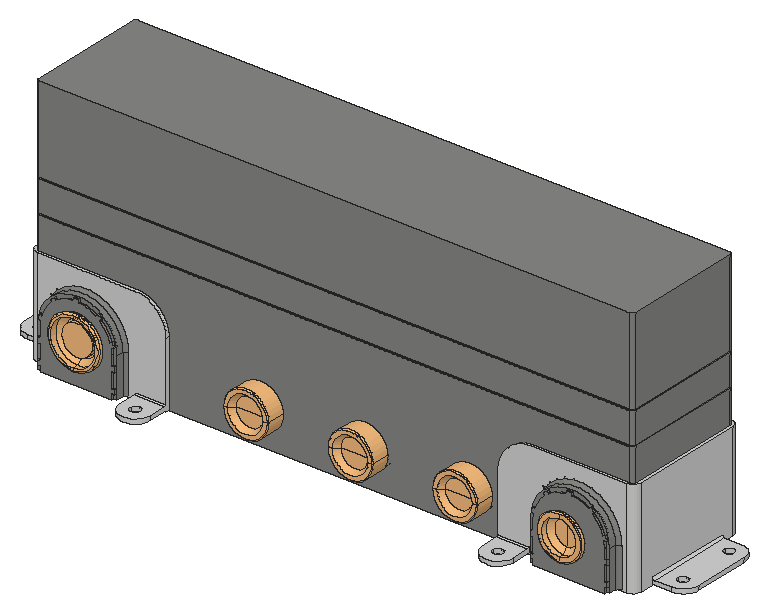
Revit family "Valve-Four_Outlet_Thermostatic-KOHLER-Anthem-K-26342BR_1", category Plumbing Fixtures, host Face, Revit 2022
Family settings
  Host = Face
  Round Connector Dimension = Use Diameter
  Part Type = Normal
  OmniClass Number = 23.27.31.00
  OmniClass Title = Valves
  Cut with Voids When Loaded = No
  Maintain Annotation Orientation = No
  Shared = No
  Room Calculation Point = No
Parameters (values of type "NA-Not Applicable")
  Width = 16 33/64"  # constant formula
  WaterSense Certified = 1 = 0  # no
  Waste Connection = 1 = 0  # no
  Vent Connection = 1 = 0  # no
  Tempered Water Outlet 4 = "Tempered Water Outlet 4"  # constant formula
  Tempered Water Outlet 3 = "Tempered Water Outlet 3"  # constant formula
  Tempered Water Outlet 2 = "Tempered Water Outlet 2"  # constant formula
  Tempered Water Outlet 1 = "Tempered Water Outlet 1"  # constant formula
  URL = "https://br.kohler.com/"
  Type = 1
  Product Page URL = ""
  Product Name = "Anthem"  # constant formula
  Product Documentation Link = ""
  Pressure = 60.00 psi  # constant formula
  Model = "K-26342BR-NA"  # constant formula
  Material = "Brass Construction"  # constant formula
  Master Format 2014 Name = "Control Valves"  # constant formula
  Master Format 2014 = "23 09 13.33"  # constant formula
  Manufacturer Address = "Rio de Janeiro MULTIREPAROS RUA BATISTA DA COSTA, Nº 352 | STORE B Rio de Janeiro SÃO GONÇALO 24450-470"  # constant formula
  Manufacturer = "Kohler Co."  # constant formula
  Length = 6 13/128"  # constant formula
  Hot Water Inlet = "Hot Water Inlet"  # constant formula
  Height = 4 113/128"  # constant formula
  HW Connection = 1 = 1  # yes
  Flow Rate = 11 GPM  # constant formula
  Finish = Kohler-Plastic-58-Thunder_Grey
  Environmental Product Declaration = ""
  Description = "4-OUTLET VALVE PUSH BUTTON THERMOSTATIC VALVE"  # constant formula
  Default Elevation = 42"
  Declare Label = ""
  Date Modified = "05/09/2022"  # constant formula
  Date Created = "05/09/2022"  # constant formula
  Copyright = "Copyright Kohler Co."  # constant formula
  Contact Us = "https://br.kohler.com/asr-listing"
  Tempered Water Outlet 4 UP [instance] = yes
  Tempered Water Outlet 4 Down [instance] = not(Tempered Water Outlet 4 UP)  # no
  Tempered Water Outlet 3 UP [instance] = yes
  Tempered Water Outlet 3 Down [instance] = not(Tempered Water Outlet 3 UP)  # no
  Tempered Water Outlet 2 UP [instance] = yes
  Tempered Water Outlet 2 Down [instance] = not(Tempered Water Outlet 2 UP)  # no
  Tempered Water Outlet 1 UP [instance] = yes
  Tempered Water Outlet 1 Down [instance] = not(Tempered Water Outlet 1 UP)  # no
  Cold Water Inlet = "Cold Water Inlet"  # constant formula
  CW Connection = 1 = 1  # yes
  Assembly Code = "D2020"
  ADA Compliant = 1 = 0  # no
Reference planes (in)
  plane 1 "Center (Front/Back)": y = 0
  plane 2: z = 0
  plane 3 "Center (Left/Right)": x = 0
  plane 4: y = 2.44056
  plane 5: y = -2.44225
  plane 6: x = -8.2579
  plane 7: x = 8.25773
  plane 8: y = 2.06786
  plane 9: x = -7.88396
  plane 10: x = 7.88396
  plane 11: y = 0.7088
  plane 12: y = -0.7088
  plane 13: y = -2.06786
  plane 14: x = -4.439
  plane 15: x = 4.439
  plane 16: y = 1.59449
  plane 17: y = -1.59449
  plane 18: x = -7.41144
  plane 19: x = 7.41144
  plane 20: x = -6.0332
  plane 21: x = -1.81655
  plane 22: x = 3.3062
  plane 23: x = 0.7424
  plane 24: y = 1.06299
  plane 25: y = -1.06299
  plane 26: y = 1.51575
  plane 27: y = -1.51575
  plane 28: x = -7.31302
  plane 29: x = 3.67991
  plane 30: x = 7.31302
  plane 31: x = 5.84649
  plane 32: z = -6.10156
  plane 33: z = -5.22155
  plane 34: z = -5.11726
  plane 35: y = 1.98819
  plane 36: y = 1.85039
  plane 37: y = 1.9404
  plane 38: y = -1.98819
  plane 39: y = -1.85039
  plane 40: x = 5.05851
  plane 41: y = -2.06786
Forms (in)
  Extrusion 1, void
    sketch origin (0, 0, 0) x (1, 0, 0) y (0, 1, 0)
      loop
        line (-7.41144, 1.59449) -> (-7.41144, -1.59449) -> (7.41144, -1.59449) -> (7.41144, 1.59449) -> (-7.41144, 1.59449)
    from -6.10156 to 0.42611
  Extrusion 2, void
    sketch origin (0, 0, 0) x (1, 0, 0) y (0, 1, 0)
      loop
        line (-8.2579, 2.44188) -> (-8.2579, -2.44056) -> (8.2579, -2.44056) -> (8.2579, 2.44188) -> (-8.2579, 2.44188)
    from -3.65797 to -6.10236
Dimensions and locks (in)
  "Width": plane 6 to plane 7
  plane 14 to plane 15 = 8.878"
  plane 9 to plane 10 = 15.76792"
  plane 12 to plane 11 = 1.4176"
  plane 18 to plane 19 = 14.82288"
  plane 16 to plane 17 = 3.18898"
  plane 28 to plane 30 = 14.62603"
  plane 30 to plane 28 = 14.62603"
  plane 34 to plane 32 = 0.98431"
  plane 33 to plane 32 = 0.88001"
  "Height": plane 4 to plane 5
  "Length": level to plane 32
  aligned and locked: plane 2 to host face
  aligned and locked: level to host face
Automatic sketch dimensions
  host sketch curve to host sketch curve = 96"  (x2)
  Extrusion 1 sketch curve to plane 18 = 0"
  plane 17 to Extrusion 1 sketch curve = 0"
  Extrusion 1 sketch curve to plane 16 = 0"
  Extrusion 1 sketch curve to plane 19 = 0"
  Extrusion 2 sketch curve to plane 6 = 0"
  Extrusion 2 sketch curve to plane 5 = 0.00169"
  plane 4 to Extrusion 2 sketch curve = 0.00132"
  plane 7 to Extrusion 2 sketch curve = 0.00017"
Nested families (in)
  nested 1: "K-26342BR" at (0, 0, -6.10236), type "K-26342BR"
Connectors (in)
  piping at (-1.81655, 1.9404, -5.22241), diameter 0.5, driven by "Tempered Water Outlet 1", driven by "Flow Rate", driven by "HW Connection", driven by "Pressure"
    settings: on nested 1, index 1, connector inside diameter 24", connector length 0", flow factor 0, pipe flow 11 GPM, pressure drop 60.00 psi, fitting loss kfactor 0, connector angle 0.00°, fixture units 0, engagement length 0", angle of deflection 0.00°, flow configuration 1, flow direction 2, fitting loss method 4, system type 19, joint type 0, gender type 0, connector reference index -1, connector utility 1, adjustable connector no, is connector primary yes, connector description "Tempered Water Outlet 1"
  piping at (0.7424, 1.9404, -5.22241), diameter 0.5, driven by "Flow Rate", driven by "HW Connection", driven by "Tempered Water Outlet 2", driven by "Pressure"
    settings: on nested 1, index 2, connector inside diameter 24", connector length 0", flow factor 0, pipe flow 11 GPM, pressure drop 60.00 psi, fitting loss kfactor 0, connector angle 0.00°, fixture units 0, engagement length 0", angle of deflection 0.00°, flow configuration 1, flow direction 2, fitting loss method 4, system type 19, joint type 0, gender type 0, connector reference index -1, connector utility 1, adjustable connector no, is connector primary no, connector description "Tempered Water Outlet 2"
  piping at (3.3062, 1.94039, -5.22241), diameter 0.5, driven by "Flow Rate", driven by "HW Connection", driven by "Tempered Water Outlet 3", driven by "Pressure"
    settings: on nested 1, index 3, connector inside diameter 24", connector length 0", flow factor 0, pipe flow 11 GPM, pressure drop 60.00 psi, fitting loss kfactor 0, connector angle 0.00°, fixture units 0, engagement length 0", angle of deflection 0.00°, flow configuration 1, flow direction 2, fitting loss method 4, system type 19, joint type 0, gender type 0, connector reference index -1, connector utility 1, adjustable connector no, is connector primary no, connector description "Tempered Water Outlet 3"
  piping at (5.84649, 1.85039, -5.22241), diameter 0.5, driven by "Flow Rate", driven by "HW Connection", driven by "Tempered Water Outlet 4", driven by "Pressure"
    settings: on nested 1, index 4, connector inside diameter 24", connector length 0", flow factor 0, pipe flow 11 GPM, pressure drop 60.00 psi, fitting loss kfactor 0, connector angle 0.00°, fixture units 0, engagement length 0", angle of deflection 0.00°, flow configuration 1, flow direction 2, fitting loss method 4, system type 19, joint type 0, gender type 0, connector reference index -1, connector utility 1, adjustable connector no, is connector primary no, connector description "Tempered Water Outlet 4"
  piping at (-6.0332, -1.85039, -5.11811), diameter 0.75, driven by "Flow Rate", driven by "HW Connection", driven by "Hot Water Inlet", driven by "Pressure"
    settings: on nested 1, index 5, connector inside diameter 24", connector length 0", flow factor 0, pipe flow 11 GPM, pressure drop 60.00 psi, fitting loss kfactor 0, connector angle 0.00°, fixture units 0, engagement length 0", angle of deflection 0.00°, flow configuration 1, flow direction 1, fitting loss method 4, system type 19, joint type 0, gender type 0, connector reference index -1, connector utility 1, adjustable connector no, is connector primary no, connector description "Hot Water Inlet"
  piping at (-6.0332, 1.85039, -5.11811), diameter 0.75, driven by "Flow Rate", driven by "CW Connection", driven by "Cold Water Inlet", driven by "Pressure"
    settings: on nested 1, index 6, connector inside diameter 24", connector length 0", flow factor 0, pipe flow 11 GPM, pressure drop 60.00 psi, fitting loss kfactor 0, connector angle 0.00°, fixture units 0, engagement length 0", angle of deflection 0.00°, flow configuration 1, flow direction 1, fitting loss method 4, system type 20, joint type 0, gender type 0, connector reference index -1, connector utility 1, adjustable connector no, is connector primary no, connector description "Cold Water Inlet"
Definition of nested family "K-26342BR"
  Parameters (values of type "K-26342")
    Material = none
    Default Elevation = 0"
    Connector 4 UP = yes
    Connector 4 Down = not(Connector 4 UP)  # no
    Connector 4 Dis = if(Connector 4 UP, 3 1/32", 0")  # 3 1/32"
    Connector 4 Angle = if(Connector 4 UP, 0.00°, 180.00°)  # 0.00°
    Connector 3 UP = yes
    Connector 3 Down = not(Connector 3 UP)  # no
    Connector 3 Dis = if(Connector 3 UP, 3 1/32", 0")  # 3 1/32"
    Connector 3 Angle = if(Connector 3 UP, 180.00°, 0.00°)  # 180.00°
    Connector 2 UP = yes
    Connector 2 Down = not(Connector 2 UP)  # no
    Connector 2 Dis = if(Connector 2 UP, 3 1/32", 0")  # 3 1/32"
    Connector 2 Angle = if(Connector 2 UP, 0.00°, 180.00°)  # 0.00°
    Connector 1 UP = yes
    Connector 1 Down = not(Connector 1 UP)  # no
    Connector 1 Dis = if(Connector 1 UP, 3 1/32", 0")  # 3 1/32"
    Connector 1 Angle = if(Connector 1 UP, 180.00°, 0.00°)  # 180.00°
  Reference planes (in)
    plane 1 "Center (Front/Back)": y = 0
    plane 2: z = 0
    plane 3 "Center (Left/Right)": x = 0
    plane 4: y = 2.44056
    plane 5: y = 1.51575
    plane 6: y = -2.44056
    plane 7: y = -1.51575
    plane 8: y = 1.59449
    plane 9: y = -1.59449
    plane 10: x = -8.2579
    plane 11: x = -7.41144
    plane 12: x = -7.31302
    plane 13: x = -7.0079
    plane 14: x = -6.96853
    plane 15: x = -5.05851
    plane 16: x = -5.09788
    plane 17: x = -4.81302
    plane 18: x = -4.06498
    plane 19: x = -2.37242
    plane 20: x = -1.26962
    plane 21: x = 0.18692
    plane 22: x = 1.28972
    plane 23: x = 2.74605
    plane 24: x = 3.84885
    plane 25: x = 4.06498
    plane 26: x = 4.81302
    plane 27: x = 5.05851
    plane 28: x = 5.09788
    plane 29: x = 5.30429
    plane 30: x = 6.40685
    plane 31: x = 6.96853
    plane 32: x = 7.0079
    plane 33: x = 8.2579
    plane 34: x = 7.41144
    plane 35: x = 7.31302
    plane 36: z = 6.10236
    plane 37: z = 5.70866
    plane 38: z = 2.38189
    plane 39: z = 0.11829
    plane 40: x = -7.06464
    plane 41: x = -7.21499
    plane 42: x = -4.99619
    plane 43: x = -4.93113
    plane 44: x = 4.96061
    plane 45: x = 7.10628
    plane 46: x = 7.21499
    plane 47: x = -1.81655
    plane 48: x = 5.84649
    plane 49: x = 3.3062
    plane 50: x = 0.7424
    plane 51: x = -6.0332
    plane 52: y = 1.43715
    plane 53: y = 1.39764
    plane 54: y = -1.43715
    plane 55: y = -1.39764
    plane 56: y = -0.04594
    plane 57: y = 1.06299
    plane 58: y = -1.06299
    plane 59: y = 0.7088
    plane 60: y = -0.70874
    plane 61: y = 2.06786
    plane 62: x = -4.439
    plane 63: x = -7.88396
    plane 64: x = 7.88396
    plane 65: y = -2.06786
    plane 66: x = 4.439
    plane 67: z = 0.21715
    plane 68 "B": y = 1.5155
    plane 69 "C": y = 1.5155
    plane 70 "D": y = 1.5155
    plane 71 "E": y = 1.5155
    plane 72: z = 0.87995
    plane 73: z = 0.98425
    plane 74: y = 1.98819
    plane 75: y = -1.98819
  Forms (in)
    Extrusion 1, solid, material <- "Material", detail levels medium+fine
      sketch origin (0, 0, 0) x (1, 0, 0) y (0, 1, 0)
        loop
          line (7.23528, 1.51575) -> (-7.23442, 1.51575)
          arc (-7.23442, 1.51575) -> (-7.29, 1.49273) -> (-7.31302, 1.43715) r 0.0786
          line (-7.31302, 1.43715) -> (-7.31302, -1.43749)
          arc (-7.31302, -1.43749) -> (-7.29009, -1.49283) -> (-7.23476, -1.51575) r 0.07826
          line (-7.23476, -1.51575) -> (7.23455, -1.51575)
          arc (7.23455, -1.51575) -> (7.29, -1.49278) -> (7.31297, -1.43733) r 0.07842
          line (7.31297, -1.43733) -> (7.31297, 1.43806)
          arc (7.31297, 1.43806) -> (7.29022, 1.49299) -> (7.23528, 1.51575) r 0.07769
      from 0 to 6.10236
    Extrusion 2, solid, detail levels medium+fine
      sketch origin (0, 0, 0) x (1, 0, 0) y (0, 1, 0)
        loop
          line (-3.3914, 1.59449) -> (-7.21405, 1.59449)
          arc (-7.21405, 1.59449) -> (-7.35363, 1.53667) -> (-7.41144, 1.3971) r 0.19739
          line (-7.41144, 1.3971) -> (-7.41144, -1.39804)
          arc (-7.41144, -1.39804) -> (-7.3539, -1.53695) -> (-7.21499, -1.59449) r 0.19645
          line (-7.21499, -1.59449) -> (-3.3914, -1.59449) -> (-3.3914, 1.59449)
        loop
          line (3.827, 1.59449) -> (3.827, -1.59449) -> (7.21499, -1.59449)
          arc (7.21499, -1.59449) -> (7.3539, -1.53695) -> (7.41144, -1.39804) r 0.19645
          line (7.41144, -1.39804) -> (7.41144, 1.3971)
          arc (7.41144, 1.3971) -> (7.35363, 1.53667) -> (7.21405, 1.59449) r 0.19739
          line (7.21405, 1.59449) -> (3.827, 1.59449)
      from 0 to 3.16929
    Extrusion 3, void
      sketch origin (0, 0, 0) x (1, 0, 0) y (0, 0, 1)
        loop
          arc (-4.8502, 2.38189) -> (-4.29497, 2.15191) -> (-4.06498, 1.59667) r 0.78522
          line (-4.06498, 1.59667) -> (-4.06498, -0.30561) -> (-3.06498, -0.30561) -> (-3.06498, 3.38189) -> (-7.81498, 3.38189) -> (-7.81498, 2.38189) -> (-4.8502, 2.38189)
        loop
          line (7.8518, 2.38189) -> (7.8518, 3.38189) -> (3.2893, 3.38189) -> (3.2893, -0.71748) -> (4.06494, -0.71748) -> (4.06494, 1.59502)
          arc (4.06494, 1.59502) -> (4.29541, 2.15142) -> (4.8518, 2.38189) r 0.78687
          line (4.8518, 2.38189) -> (7.8518, 2.38189)
      from -2.82494 to 2.86769
    Extrusion 4, solid, detail levels medium+fine
      sketch origin (0, 0, -0.00391) x (1, 0, 0) y (0, 1, 0)
        loop
          line (-7.41144, 1.06299) -> (-7.8832, 1.06299)
          arc (-7.8832, 1.06299) -> (-8.14815, 0.95325) -> (-8.2579, 0.68829) r 0.3747
          line (-8.2579, 0.68829) -> (-8.2579, -0.68823)
          arc (-8.2579, -0.68823) -> (-8.14813, -0.95323) -> (-7.88314, -1.06299) r 0.37476
          line (-7.88314, -1.06299) -> (-7.41144, -1.06299) -> (-7.41144, 1.06299)
        loop
          arc (-4.81302, -2.06655) -> (-4.439, -2.44056) -> (-4.06498, -2.06655) r 0.37402
          line (-4.06498, -2.06655) -> (-4.06498, -1.59449) -> (-4.81302, -1.59449) -> (-4.81302, -2.06655)
        loop
          line (-4.06498, 1.59449) -> (-4.06498, 2.06786)
          arc (-4.06498, 2.06786) -> (-4.439, 2.44188) -> (-4.81302, 2.06786) r 0.37402
          line (-4.81302, 2.06786) -> (-4.81302, 1.59449) -> (-4.06498, 1.59449)
        loop
          circle (-7.88396, 0.7088) r 0.12529
        loop
          circle (-7.88396, -0.7088) r 0.12529
        loop
          circle (-4.439, 2.06786) r 0.12354
        loop
          circle (-4.439, -2.06655) r 0.12509
        loop
          line (7.41144, 1.06299) -> (7.41144, -1.06299) -> (7.88314, -1.06299)
          arc (7.88314, -1.06299) -> (8.14813, -0.95323) -> (8.2579, -0.68823) r 0.37476
          line (8.2579, -0.68823) -> (8.2579, 0.68829)
          arc (8.2579, 0.68829) -> (8.14815, 0.95325) -> (7.8832, 1.06299) r 0.3747
          line (7.8832, 1.06299) -> (7.41144, 1.06299)
        loop
          line (4.81302, -2.06655) -> (4.81302, -1.59449) -> (4.06498, -1.59449) -> (4.06498, -2.06655)
          arc (4.06498, -2.06655) -> (4.439, -2.44056) -> (4.81302, -2.06655) r 0.37402
        loop
          line (4.06498, 1.59449) -> (4.81302, 1.59449) -> (4.81302, 2.06786)
          arc (4.81302, 2.06786) -> (4.439, 2.44188) -> (4.06498, 2.06786) r 0.37402
          line (4.06498, 2.06786) -> (4.06498, 1.59449)
        loop
          circle (7.88396, 0.7088) r 0.12529
        loop
          circle (7.88396, -0.7088) r 0.12529
        loop
          circle (4.439, 2.06786) r 0.12354
        loop
          circle (4.439, -2.06655) r 0.12509
      from 0.02344 to 0.12219
    Sweep 5, solid, material <- "Material", detail levels medium+fine
      path origin (0, 0, 0) x (1, 0, 0) y (0, 0, 1)
        loop
          line (-5.05908, 0.01969) -> (-5.05908, 0.98445)
          arc (-5.05908, 0.98445) -> (-6.03349, 1.95886) -> (-7.0079, 0.98445) r 0.97441
          line (-7.0079, 0.98445) -> (-7.0079, 0.01969)
      profile origin (-7.0079, 0, 0.50207) x (0, -1, 0) y (1, 0, 0)
        loop
          line (1.85039, 0) -> (1.85039, 0.31023) -> (1.58863, 0.31023) -> (1.58863, -0.07652)
          arc (1.58863, -0.07652) -> (1.62824, -0.02118) -> (1.69291, 0) r 0.10932
          line (1.69291, 0) -> (1.85039, 0)
        loop
          line (-1.85039, 0) -> (-1.69291, 0)
          arc (-1.69291, 0) -> (-1.62824, -0.02118) -> (-1.58863, -0.07652) r 0.10932
          line (-1.58863, -0.07652) -> (-1.58863, 0.31023) -> (-1.85039, 0.31023) -> (-1.85039, 0)
    Sweep 6, solid, material <- "Material", detail levels medium+fine
      path origin (0, 0, 0) x (-1, 0, 0) y (0, 0, 1)
        loop
          line (-5.05908, 0.01969) -> (-5.05908, 0.98445)
          arc (-5.05908, 0.98445) -> (-6.03349, 1.95886) -> (-7.0079, 0.98445) r 0.97441
          line (-7.0079, 0.98445) -> (-7.0079, 0.01969)
      profile origin (7.0079, 0, 0.50207) x (0, -1, 0) y (1, 0, 0)
        loop
          line (1.85039, 0) -> (1.69291, 0)
          arc (1.69291, 0) -> (1.62042, 0.02929) -> (1.58863, 0.10072) r 0.10435
          line (1.58863, 0.10072) -> (1.58863, -0.31023) -> (1.85039, -0.31023) -> (1.85039, 0)
        loop
          line (-1.85039, 0) -> (-1.85039, -0.31023) -> (-1.58863, -0.31023) -> (-1.58863, 0.10072)
          arc (-1.58863, 0.10072) -> (-1.62042, 0.02929) -> (-1.69291, 0) r 0.10435
          line (-1.69291, 0) -> (-1.85039, 0)
    Extrusion 7, solid, material <- "Material", detail levels medium+fine
      sketch origin (0, 0, 0) x (1, 0, 0) y (0, 0, 1)
        loop
          line (-6.90947, 0.1378) -> (-6.90947, 0) -> (-5.1575, 0) -> (-5.1575, 0.1378) -> (-5.09845, 0.1378) -> (-5.09845, 0.25591) -> (-5.1575, 0.25591) -> (-5.1575, 0.62992) -> (-5.09845, 0.62992) -> (-5.09845, 0.74803) -> (-5.1575, 0.74803) -> (-5.1575, 0.98425)
          arc (-5.1575, 0.98425) -> (-5.16093, 1.06162) -> (-5.17117, 1.13839) r 0.87598
          line (-5.17117, 1.13839) -> (-5.1138, 1.15269)
          arc (-5.1138, 1.15269) -> (-5.12627, 1.21045) -> (-5.14235, 1.2673) r 0.93495
          line (-5.14235, 1.2673) -> (-5.19974, 1.25299)
          arc (-5.19974, 1.25299) -> (-5.29883, 1.46135) -> (-5.44887, 1.63661) r 0.87598
          line (-5.44887, 1.63661) -> (-5.4124, 1.68329)
          arc (-5.4124, 1.68329) -> (-5.45778, 1.72112) -> (-5.50546, 1.75602) r 0.93495
          line (-5.50546, 1.75602) -> (-5.54194, 1.70932)
          arc (-5.54194, 1.70932) -> (-5.7483, 1.81251) -> (-5.97443, 1.85824) r 0.87598
          line (-5.97443, 1.85824) -> (-5.97443, 1.91753)
          arc (-5.97443, 1.91753) -> (-6.03349, 1.9194) -> (-6.09254, 1.91753) r 0.93495
          line (-6.09254, 1.91753) -> (-6.09254, 1.85824)
          arc (-6.09254, 1.85824) -> (-6.31868, 1.81251) -> (-6.52503, 1.70932) r 0.87598
          line (-6.52503, 1.70932) -> (-6.56151, 1.75602)
          arc (-6.56151, 1.75602) -> (-6.60919, 1.72112) -> (-6.65458, 1.68329) r 0.93495
          line (-6.65458, 1.68329) -> (-6.61811, 1.63661)
          arc (-6.61811, 1.63661) -> (-6.76815, 1.46135) -> (-6.86723, 1.25299) r 0.87598
          line (-6.86723, 1.25299) -> (-6.92462, 1.2673)
          arc (-6.92462, 1.2673) -> (-6.94071, 1.21045) -> (-6.95317, 1.15269) r 0.93495
          line (-6.95317, 1.15269) -> (-6.8958, 1.13839)
          arc (-6.8958, 1.13839) -> (-6.90605, 1.06162) -> (-6.90947, 0.98425) r 0.87598
          line (-6.90947, 0.98425) -> (-6.90947, 0.74803) -> (-6.96853, 0.74803) -> (-6.96853, 0.62992) -> (-6.90947, 0.62992) -> (-6.90947, 0.25591) -> (-6.96853, 0.25591) -> (-6.96853, 0.1378) -> (-6.90947, 0.1378)
        loop
          line (6.90926, 0.1378) -> (6.96832, 0.1378) -> (6.96832, 0.25591) -> (6.90926, 0.25591) -> (6.90926, 0.62992) -> (6.96832, 0.62992) -> (6.96832, 0.74803) -> (6.90926, 0.74803) -> (6.90926, 0.98425)
          arc (6.90926, 0.98425) -> (6.90584, 1.06162) -> (6.8956, 1.13839) r 0.87598
          line (6.8956, 1.13839) -> (6.95296, 1.15269)
          arc (6.95296, 1.15269) -> (6.9405, 1.21045) -> (6.92441, 1.2673) r 0.93495
          line (6.92441, 1.2673) -> (6.86702, 1.25299)
          arc (6.86702, 1.25299) -> (6.76794, 1.46135) -> (6.6179, 1.63661) r 0.87598
          line (6.6179, 1.63661) -> (6.65437, 1.68329)
          arc (6.65437, 1.68329) -> (6.60899, 1.72112) -> (6.5613, 1.75602) r 0.93495
          line (6.5613, 1.75602) -> (6.52483, 1.70932)
          arc (6.52483, 1.70932) -> (6.31847, 1.81251) -> (6.09233, 1.85824) r 0.87598
          line (6.09233, 1.85824) -> (6.09233, 1.91753)
          arc (6.09233, 1.91753) -> (6.03328, 1.9194) -> (5.97422, 1.91753) r 0.93495
          line (5.97422, 1.91753) -> (5.97422, 1.85824)
          arc (5.97422, 1.85824) -> (5.74809, 1.81251) -> (5.54173, 1.70932) r 0.87598
          line (5.54173, 1.70932) -> (5.50525, 1.75602)
          arc (5.50525, 1.75602) -> (5.45757, 1.72112) -> (5.41219, 1.68329) r 0.93495
          line (5.41219, 1.68329) -> (5.44866, 1.63661)
          arc (5.44866, 1.63661) -> (5.29862, 1.46135) -> (5.19954, 1.25299) r 0.87598
          line (5.19954, 1.25299) -> (5.14214, 1.2673)
          arc (5.14214, 1.2673) -> (5.12606, 1.21045) -> (5.11359, 1.15269) r 0.93495
          line (5.11359, 1.15269) -> (5.17096, 1.13839)
          arc (5.17096, 1.13839) -> (5.16072, 1.06162) -> (5.15729, 0.98425) r 0.87598
          line (5.15729, 0.98425) -> (5.15729, 0.74803) -> (5.09824, 0.74803) -> (5.09824, 0.62992) -> (5.15729, 0.62992) -> (5.15729, 0.25591) -> (5.09824, 0.25591) -> (5.09824, 0.1378) -> (5.15729, 0.1378) -> (5.15729, 0) -> (6.90926, 0) -> (6.90926, 0.1378)
      from -1.92913 to 1.8897
    Revolve 8, solid, detail levels medium+fine
      sketch origin (-6.0332, 0, 0) x (0, 1, 0) y (0, 0, 1)
        loop
          line (-1.98819, 1.58465) -> (-1.98819, 1.52773) -> (-1.85039, 1.52773) -> (-1.72942, 1.40675) -> (-1.72942, 0.98425) -> (1.72942, 0.98425) -> (1.72942, 1.40675) -> (1.85039, 1.52773) -> (1.98819, 1.52773) -> (1.98819, 1.58465) -> (1.94895, 1.62388) -> (-1.94895, 1.62388) -> (-1.98819, 1.58465)
        axis (1.98819, 0.98425) -> (-1.98819, 0.98425)
      angle from 0 to 360
    Revolve 9, solid, detail levels medium+fine
      sketch origin (5.85547, 0, 0) x (0, 1, 0) y (0, 0, 1)
        loop
          line (-1.9685, 1.30575) -> (-1.84716, 1.30575) -> (-1.72942, 1.188) -> (-1.72942, 0.88583) -> (1.72942, 0.88583) -> (1.72942, 1.188) -> (1.84716, 1.30575) -> (1.9685, 1.30575) -> (1.9685, 1.4127) -> (1.94882, 1.43701) -> (-1.94882, 1.43701) -> (-1.9685, 1.4127) -> (-1.9685, 1.30575)
        axis (-1.9685, 0.88583) -> (1.9685, 0.88583)
      angle from 0 to 360
    Revolve 10, solid, detail levels medium+fine
      sketch origin (0, 0, 0.88574) x (1, 0, 0) y (0, 1, 0)
        loop
          line (2.86415, -1.9685) -> (2.95569, -1.83778) -> (3.29722, -1.83778) -> (3.29722, 1.83778) -> (2.95569, 1.83778) -> (2.86415, 1.9685) -> (2.76572, 1.9685) -> (2.74604, 1.94039) -> (2.74604, -1.94039) -> (2.76572, -1.9685) -> (2.86415, -1.9685)
        axis (3.29722, -1.9685) -> (3.29722, 1.9685)
      angle from 0 to 360
    Revolve 11, solid, detail levels medium+fine
      sketch origin (4.03612, 0, 0.88574) x (-1, 0, 0) y (0, -1, 0)
        loop
          line (3.73029, 1.9685) -> (3.63876, 1.83777) -> (3.29722, 1.83777) -> (3.29722, -1.83778) -> (3.63876, -1.83778) -> (3.73029, -1.96851) -> (3.82872, -1.96851) -> (3.8484, -1.9404) -> (3.8484, 1.94039) -> (3.82872, 1.9685) -> (3.73029, 1.9685)
        axis (3.29722, 1.9685) -> (3.29722, -1.96851)
      angle from 0 to 360
    Revolve 12, solid, detail levels medium+fine
      sketch origin (-5.11824, 0, 0.88574) x (1, 0, 0) y (0, 1, 0)
        loop
          line (2.86415, -1.9685) -> (2.95569, -1.83778) -> (3.29722, -1.83778) -> (3.29722, 1.83778) -> (2.95569, 1.83778) -> (2.86415, 1.9685) -> (2.76572, 1.9685) -> (2.74604, 1.94039) -> (2.74604, -1.94039) -> (2.76572, -1.9685) -> (2.86415, -1.9685)
        axis (3.29722, -1.9685) -> (3.29722, 1.9685)
      angle from 0 to 360
    Sweep 13, void
      path origin (0, 0, 0) x (1, 0, 0) y (0, 1, 0)
        loop
          line (-7.31302, 1.43715) -> (-7.31302, -1.43749)
          arc (-7.31302, -1.43749) -> (-7.29009, -1.49283) -> (-7.23476, -1.51575) r 0.07826
          line (-7.23476, -1.51575) -> (7.23455, -1.51575)
          arc (7.23455, -1.51575) -> (7.29, -1.49278) -> (7.31297, -1.43733) r 0.07842
          line (7.31297, -1.43733) -> (7.31297, 1.43806)
          arc (7.31297, 1.43806) -> (7.29022, 1.49299) -> (7.23528, 1.51575) r 0.07769
          line (7.23528, 1.51575) -> (-7.23442, 1.51575)
          arc (-7.23442, 1.51575) -> (-7.29, 1.49273) -> (-7.31302, 1.43715) r 0.0786
      profile origin (-7.31302, -0.00017, 0) x (1, 0, 0) y (0, 0, 1)
        loop
          line (0.01969, 3.20866) -> (-0.03333, 3.20866) -> (-0.03333, 3.16929) -> (0.01969, 3.16929) -> (0.01969, 3.20866)
        loop
          line (0.01969, 3.99606) -> (-0.03033, 3.99606) -> (-0.03033, 3.95669) -> (0.01969, 3.95669) -> (0.01969, 3.99606)
    Extrusion 14, void
      sketch origin (0, 0, 0) x (1, 0, 0) y (0, 0, 1)
        loop
          circle (-6.0332, 0.98425) r 0.60039
      from 1.43701 to 2.06237
    Extrusion 15, void
      sketch origin (0, 0, 0) x (1, 0, 0) y (0, 0, 1)
        loop
          circle (5.85547, 0.88583) r 0.44719
      from 1.06299 to 2.19501
    Extrusion 16, void
      sketch origin (0, 0, 0) x (1, 0, 0) y (0, 0, -1)
        loop
          circle (-6.0332, -0.98425) r 0.60039
      from 1.43701 to 2.06237
    Extrusion 17, void
      sketch origin (0, 0, 0) x (1, 0, 0) y (0, 0, -1)
        loop
          circle (5.85547, -0.88583) r 0.5
      from 1.06299 to 2.19501
    Extrusion 18, solid, detail levels medium+fine
      sketch origin (0, 0, 0) x (1, 0, 0) y (0, 0, 1)
        loop
          line (-7.50289, 0.11079) -> (-7.40402, 0.11079) -> (-7.40402, 0.20277)
          arc (-7.40402, 0.20277) -> (-7.43537, 0.13734) -> (-7.50289, 0.11079) r 0.09913
      from -1.06299 to 1.06299
    Extrusion 19, solid, detail levels medium+fine
      sketch origin (0, 0, 0) x (-1, 0, 0) y (0, 0, -1)
        loop
          arc (-7.50289, -0.11079) -> (-7.43537, -0.13734) -> (-7.40402, -0.20277) r 0.09913
          line (-7.40402, -0.20277) -> (-7.40402, -0.11079) -> (-7.50289, -0.11079)
      from -1.06299 to 1.06299
    Extrusion 20, solid, detail levels medium+fine
      sketch origin (0, -0.10547, -0.00391) x (0, 1, 0) y (0, 0, 1)
        loop
          arc (1.75993, 0.11488) -> (1.70932, 0.14101) -> (1.68901, 0.19422) r 0.07984
          line (1.68901, 0.19422) -> (1.68901, 0.11488) -> (1.75993, 0.11488)
      from 4.06494 to 4.81302
    Extrusion 21, solid, detail levels medium+fine
      sketch origin (0, -0.10547, -0.00391) x (0, 1, 0) y (0, 0, -1)
        loop
          line (1.75993, -0.11488) -> (1.68901, -0.11488) -> (1.68901, -0.19422)
          arc (1.68901, -0.19422) -> (1.70932, -0.14101) -> (1.75993, -0.11488) r 0.07984
      from 4.06494 to 4.81302
    Extrusion 22, solid, detail levels medium+fine
      sketch origin (0, 0.10547, -0.00391) x (0, -1, 0) y (0, 0, -1)
        loop
          line (1.75993, -0.11488) -> (1.68901, -0.11488) -> (1.68901, -0.19422)
          arc (1.68901, -0.19422) -> (1.70932, -0.14101) -> (1.75993, -0.11488) r 0.07984
      from 4.06494 to 4.81302
    Extrusion 23, solid, detail levels medium+fine
      sketch origin (0, 0.10547, -0.00391) x (0, -1, 0) y (0, 0, 1)
        loop
          arc (1.75993, 0.11488) -> (1.70932, 0.14101) -> (1.68901, 0.19422) r 0.07984
          line (1.68901, 0.19422) -> (1.68901, 0.11488) -> (1.75993, 0.11488)
      from 4.06494 to 4.81302
    Extrusion 24, solid, detail levels medium+fine
      sketch origin (0, 0, 0) x (1, 0, 0) y (0, 0, 1)
        loop
          circle (-6.0332, 0.98425) r 0.375
      from -1.85039 to 1.85039
    Extrusion 25, solid, material <- "Material", detail levels coarse
      sketch origin (0, 0, 0) x (1, 0, 0) y (0, 0, 1)
        loop
          line (7.34422, 6.22736) -> (-7.37552, 6.22736) -> (-7.37552, 0) -> (7.34422, 0) -> (7.34422, 6.22736)
      from -1.53543 to 1.53543
    Extrusion 26, solid, detail levels coarse
      sketch origin (0, 0, 0) x (1, 0, 0) y (0, 0, 1)
        loop
          line (-7.53644, 2.44439) -> (-7.53644, 0) -> (-4.06498, 0) -> (-4.06498, 2.44439) -> (-7.53644, 2.44439)
      from -1.59449 to 1.59449
    Extrusion 27, solid, detail levels coarse
      sketch origin (0, 0, 0) x (-1, 0, 0) y (0, 0, -1)
        loop
          line (-7.53644, -2.44439) -> (-4.06498, -2.44439) -> (-4.06498, 0) -> (-7.53644, 0) -> (-7.53644, -2.44439)
      from -1.59449 to 1.59449
    Extrusion 28, solid, detail levels coarse
      sketch origin (0, 0, 0) x (1, 0, 0) y (0, 0, 1)
        loop
          line (-7.08442, 0) -> (-4.98256, 0) -> (-4.98256, 0.98862)
          arc (-4.98256, 0.98862) -> (-6.03349, 2.03955) -> (-7.08442, 0.98862) r 1.05093
          line (-7.08442, 0.98862) -> (-7.08442, 0)
      from -1.92913 to 1.8897
    Extrusion 29, solid, detail levels coarse
      sketch origin (0, 0, 0) x (-1, 0, 0) y (0, 0, -1)
        loop
          line (-7.08442, 0) -> (-7.08442, -0.98862)
          arc (-7.08442, -0.98862) -> (-6.03349, -2.03955) -> (-4.98256, -0.98862) r 1.05093
          line (-4.98256, -0.98862) -> (-4.98256, 0) -> (-7.08442, 0)
      from -1.92913 to 1.8897
    Extrusion 30, solid, detail levels coarse
      sketch origin (0, 0, 0) x (1, 0, 0) y (0, 0, 1)
        loop
          circle (-6.0332, 0.98425) r 0.69038
      from -1.98819 to 1.98819
    Extrusion 31, solid, detail levels coarse
      sketch origin (12.69224, 0, -0.09375) x (1, 0, 0) y (0, 0, 1)
        loop
          circle (-14.51192, 0.97949) r 0.58377
        loop
          circle (-11.952, 0.97949) r 0.58377
        loop
          circle (-9.39368, 0.97949) r 0.58377
      from -1.98819 to 1.98819
    Extrusion 32, solid, detail levels coarse
      sketch origin (11.89365, 0, -0.09375) x (1, 0, 0) y (0, 0, 1)
        loop
          circle (-6.03818, 0.97958) r 0.56629
      from -1.98819 to 1.98819
    Extrusion 33, solid, detail levels coarse
      sketch origin (0, 0, 0) x (1, 0, 0) y (0, 1, 0)
        loop
          line (-8.2579, -1.06299) -> (-7.41144, -1.06299) -> (-7.41144, -1.59449) -> (-4.81302, -1.59449) -> (-4.81302, -2.06655)
          arc (-4.81302, -2.06655) -> (-4.439, -2.44056) -> (-4.06498, -2.06655) r 0.37402
          line (-4.06498, -2.06655) -> (-4.06498, 2.06786)
          arc (-4.06498, 2.06786) -> (-4.439, 2.44188) -> (-4.81302, 2.06786) r 0.37402
          line (-4.81302, 2.06786) -> (-4.81302, 1.59449) -> (-7.41144, 1.59449) -> (-7.41144, 1.06299) -> (-8.2579, 1.06299) -> (-8.2579, -1.06299)
        loop
          line (8.2579, -1.06299) -> (8.2579, 1.06299) -> (7.41144, 1.06299) -> (7.41144, 1.59449) -> (4.81302, 1.59449) -> (4.81302, 2.06786)
          arc (4.81302, 2.06786) -> (4.439, 2.44188) -> (4.06498, 2.06786) r 0.37402
          line (4.06498, 2.06786) -> (4.06498, -2.06655)
          arc (4.06498, -2.06655) -> (4.439, -2.44056) -> (4.81302, -2.06655) r 0.37402
          line (4.81302, -2.06655) -> (4.81302, -1.59449) -> (7.41144, -1.59449) -> (7.41144, -1.06299) -> (8.2579, -1.06299)
        loop
          circle (-4.439, -2.06655) r 0.12509
        loop
          circle (-7.88396, -0.7088) r 0.12529
        loop
          circle (-7.88396, 0.7088) r 0.12529
        loop
          circle (-4.439, 2.06786) r 0.12354
        loop
          circle (4.439, 2.06786) r 0.12354
        loop
          circle (4.439, -2.06655) r 0.12509
        loop
          circle (7.88396, -0.7088) r 0.12529
        loop
          circle (7.88396, 0.7088) r 0.12529
      from 0 to 0.23414
    Revolve 34, solid, detail levels medium+fine
      sketch origin (5.84649, 1.5155, 0.87995) x (0, 1, 0) y (-1, 0, 0)
        loop
          line (0.00004, 0) -> (0.00004, -0.25) -> (0.33489, -0.25) -> (0.33489, 0) -> (0.00004, 0)
        axis (0.00004, 0) -> (0.33489, 0)
      angle from 0 to 360
    Revolve 35, solid, detail levels medium+fine
      sketch origin (3.3062, 1.5155, 0.87995) x (0, 1, 0) y (-1, 0, 0)
        loop
          line (0.00113, 0) -> (0.00113, -0.25) -> (0.42489, -0.25) -> (0.42489, 0) -> (0.00113, 0)
        axis (0.00113, 0) -> (0.42489, 0)
      angle from 0 to 360
    Revolve 36, solid, detail levels medium+fine
      sketch origin (0.7424, 1.5155, 0.87995) x (0, 1, 0) y (-1, 0, 0)
        loop
          line (0.0011, 0) -> (0.0011, -0.25) -> (0.4249, -0.25) -> (0.4249, 0) -> (0.0011, 0)
        axis (0.0011, 0) -> (0.4249, 0)
      angle from 0 to 360
    Revolve 37, solid, detail levels medium+fine
      sketch origin (-1.81655, 1.5155, 0.87995) x (0, 1, 0) y (-1, 0, 0)
        loop
          line (0.00116, 0) -> (0.00116, -0.25) -> (0.4249, -0.25) -> (0.4249, 0) -> (0.00116, 0)
        axis (0.00116, 0) -> (0.4249, 0)
      angle from 0 to 360
  Cuts and joins
    Sweep 13, Extrusion 16, Extrusion 17 cuts Extrusion 1
    Extrusion 16, Extrusion 17 cuts Sweep 5
    Extrusion 16, Extrusion 17 cuts Sweep 6
    Extrusion 14, Extrusion 15, Extrusion 16, Extrusion 17 cuts Extrusion 7
    joined: Extrusion 1, Sweep 5, Sweep 6, Extrusion 7
    Extrusion 3, Extrusion 16, Extrusion 17 cuts Extrusion 2
    joined: Extrusion 2, Extrusion 4, Extrusion 18, Extrusion 19, Extrusion 20, Extrusion 21, Extrusion 22, Extrusion 23
    joined: Revolve 8, Revolve 9, Revolve 10, Revolve 11, Revolve 12, Extrusion 24
    joined: Extrusion 26, Extrusion 27, Extrusion 28, Extrusion 29, Extrusion 33
    joined: Extrusion 30, Extrusion 31, Extrusion 32
  Lines and regions (in)
    Masking region 1
      outline origin (0, 0, 0) x (1, 0, 0) y (0, 1, 0)
        loop
          line (-7.41144, 1.39804) -> (-7.41144, -1.39804)
          arc (-7.41144, -1.39804) -> (-7.3539, -1.53695) -> (-7.21499, -1.59449) r 0.19645
          line (-7.21499, -1.59449) -> (7.21499, -1.59449)
          arc (7.21499, -1.59449) -> (7.3539, -1.53695) -> (7.41144, -1.39804) r 0.19645
          line (7.41144, -1.39804) -> (7.41144, 1.39804)
          arc (7.41144, 1.39804) -> (7.3539, 1.53695) -> (7.21499, 1.59449) r 0.19645
          line (7.21499, 1.59449) -> (-7.21499, 1.59449)
          arc (-7.21499, 1.59449) -> (-7.3539, 1.53695) -> (-7.41144, 1.39804) r 0.19645
    Masking region 2, detail levels medium+fine
      outline origin (0, 0, 0) x (1, 0, 0) y (0, 0, 1)
        loop
          line (7.31288, 6.10236) -> (-7.31302, 6.10236) -> (-7.31302, 2.38189) -> (-7.41144, 2.38189) -> (-7.41144, 0.21465)
          arc (-7.41144, 0.21465) -> (-7.43972, 0.14638) -> (-7.50798, 0.11811) r 0.09654
          line (-7.50798, 0.11811) -> (-8.2579, 0.11811) -> (-8.2579, 0) -> (8.2579, 0) -> (8.2579, 0.11826) -> (7.50928, 0.11826)
          arc (7.50928, 0.11826) -> (7.4401, 0.14692) -> (7.41144, 0.21611) r 0.09784
          line (7.41144, 0.21611) -> (7.41144, 2.38189) -> (7.31288, 2.38189) -> (7.31288, 6.10236)
    Masking region 3
      outline origin (0, 0, 0) x (0, 1, 0) y (0, 0, 1)
        loop
          line (1.51575, 6.10236) -> (-1.51575, 6.10236) -> (-1.51575, 2.38189) -> (-1.59449, 2.38189) -> (-1.59449, 2.05669)
          arc (-1.59449, 2.05669) -> (-1.62314, 1.98751) -> (-1.69233, 1.95886) r 0.09784
          line (-1.69233, 1.95886) -> (-1.85039, 1.95886) -> (-1.85039, 1.9194) -> (-1.8897, 1.9194) -> (-1.8897, 1.62388) -> (-1.94895, 1.62388) -> (-1.98819, 1.58465) -> (-1.98819, 0.37402) -> (-1.94882, 0.33465) -> (-1.8897, 0.33465) -> (-1.8897, 0.11826) -> (-2.44056, 0.11826) -> (-2.44056, 0) -> (-0.00047, 0) -> (2.44191, 0) -> (2.44191, 0.11826) -> (1.92913, 0.11826) -> (1.92913, 0.31495) -> (1.98819, 0.37402) -> (1.98819, 1.58465) -> (1.92876, 1.64407) -> (1.92876, 1.9194) -> (1.85039, 1.9194) -> (1.85039, 1.95886) -> (1.69233, 1.95886)
          arc (1.69233, 1.95886) -> (1.62314, 1.98751) -> (1.59449, 2.05669) r 0.09784
          line (1.59449, 2.05669) -> (1.59449, 2.38189) -> (1.51575, 2.38189) -> (1.51575, 6.10236)
    symbolic lines, detail levels medium+fine
      curve 1: line (-7.41144, 1.06299, 0) -> (-7.41144, -1.06299, 0)
      curve 2: line (-7.31302, -1.43715, 0) -> (-7.31302, 1.43715, 0)
      curve 3: arc (-7.23442, 1.51575, 0) -> (-7.29, 1.49273, 0) -> (-7.31302, 1.43715, 0) r 0.0786
      curve 4: line (-7.10632, 1.59449, 0) -> (-4.99677, 1.59449, 0)
      curve 5: line (7.23528, 1.51575, 0) -> (-7.23442, 1.51575, 0)
      curve 6: arc (7.31297, 1.43806, 0) -> (7.29022, 1.49299, 0) -> (7.23528, 1.51575, 0) r 0.07769
      curve 7: line (7.31297, -1.43782, 0) -> (7.31297, 1.43806, 0)
      curve 8: line (4.81302, 1.59449, 0) -> (4.06494, 1.59449, 0)
      curve 9: line (7.06964, 1.59449, 0) -> (4.99677, 1.59449, 0)
      curve 10: line (7.41144, -1.06299, 0) -> (7.41144, 1.06299, 0)
      curve 11: line (-4.81302, 1.59449, 0) -> (-4.06498, 1.59449, 0)
      curve 12: arc (-7.23442, -1.51575, 0) -> (-7.29, -1.49273, 0) -> (-7.31302, -1.43715, 0) r 0.0786
      curve 13: line (7.23528, -1.51575, 0) -> (-7.23442, -1.51575, 0)
      curve 14: arc (7.31297, -1.43782, 0) -> (7.29022, -1.49275, 0) -> (7.23528, -1.5155, 0) r 0.07769
      curve 15: line (4.81302, -1.59449, 0) -> (4.06494, -1.59449, 0)
      curve 16: line (7.06964, -1.59449, 0) -> (4.99677, -1.59449, 0)
      curve 17: line (-4.81302, -1.59449, 0) -> (-4.06498, -1.59449, 0)
      curve 18: line (-7.31302, 0, 5.70866) -> (7.31297, 0, 5.70866)
      curve 19: line (-7.21499, 0, 2.38189) -> (-7.21499, 0, 0.01969)
      curve 20: line (-7.88388, 0, 0.11811) -> (-7.88388, 0, 0.01969)
      curve 21: line (-7.31302, 0, 2.38189) -> (-4.8502, 0, 2.38189)
      curve 22: arc (-4.8502, 0, 2.38189) -> (-4.29497, 0, 2.15191) -> (-4.06498, 0, 1.59667) r 0.78522
      curve 23: line (-4.06498, 0, 1.59667) -> (-4.06498, 0, 0.01953)
      curve 24: line (-4.06498, 0, 0.11829) -> (-4.81302, 0, 0.11829)
      curve 25: line (-4.81302, 0, 0.21664) -> (-4.81302, 0, 0.01953)
      curve 26: line (-4.81302, 0, 0.01953) -> (-4.06498, 0, 0.01953)
      curve 27: line (-5.05908, 0, 0.01969) -> (-5.05908, 0, 0.98445)
      curve 28: arc (-5.05908, 0, 0.98445) -> (-6.03349, 0, 1.95886) -> (-7.0079, 0, 0.98445) r 0.97441
      curve 29: line (-7.0079, 0, 0.98445) -> (-7.0079, 0, 0.01969)
      curve 30: line (-6.90947, 0, 0.1378) -> (-6.90947, 0, 0)
      curve 31: line (-6.96853, 0, 0.1378) -> (-6.90947, 0, 0.1378)
      curve 32: line (-6.96853, 0, 0.25591) -> (-6.96853, 0, 0.1378)
      curve 33: line (-6.90947, 0, 0.25591) -> (-6.96853, 0, 0.25591)
      curve 34: line (-6.90947, 0, 0.62992) -> (-6.90947, 0, 0.25591)
      curve 35: line (-6.96853, 0, 0.62992) -> (-6.90947, 0, 0.62992)
      curve 36: line (-6.96853, 0, 0.74803) -> (-6.96853, 0, 0.62992)
      curve 37: line (-6.90947, 0, 0.74803) -> (-6.96853, 0, 0.74803)
      curve 38: line (-6.90947, 0, 0.98425) -> (-6.90947, 0, 0.74803)
      curve 39: arc (-6.8958, 0, 1.13839) -> (-6.90605, 0, 1.06162) -> (-6.90947, 0, 0.98425) r 0.87598
      curve 40: line (-6.95317, 0, 1.15269) -> (-6.8958, 0, 1.13839)
      curve 41: arc (-6.92462, 0, 1.2673) -> (-6.94071, 0, 1.21045) -> (-6.95317, 0, 1.15269) r 0.93495
      curve 42: line (-6.86723, 0, 1.25299) -> (-6.92462, 0, 1.2673)
      curve 43: arc (-6.61811, 0, 1.63661) -> (-6.76815, 0, 1.46135) -> (-6.86723, 0, 1.25299) r 0.87598
      curve 44: line (-6.65458, 0, 1.68329) -> (-6.61811, 0, 1.63661)
      curve 45: arc (-6.56151, 0, 1.75602) -> (-6.60919, 0, 1.72112) -> (-6.65458, 0, 1.68329) r 0.93495
      curve 46: line (-6.52503, 0, 1.70932) -> (-6.56151, 0, 1.75602)
      curve 47: arc (-6.09254, 0, 1.85824) -> (-6.31868, 0, 1.81251) -> (-6.52503, 0, 1.70932) r 0.87598
      curve 48: line (-6.09254, 0, 1.91753) -> (-6.09254, 0, 1.85824)
      curve 49: arc (-5.97443, 0, 1.91753) -> (-6.03349, 0, 1.9194) -> (-6.09254, 0, 1.91753) r 0.93495
      curve 50: line (-5.97443, 0, 1.85824) -> (-5.97443, 0, 1.91753)
      curve 51: arc (-5.54194, 0, 1.70932) -> (-5.7483, 0, 1.81251) -> (-5.97443, 0, 1.85824) r 0.87598
      curve 52: line (-5.50546, 0, 1.75602) -> (-5.54194, 0, 1.70932)
      curve 53: arc (-5.4124, 0, 1.68329) -> (-5.45778, 0, 1.72112) -> (-5.50546, 0, 1.75602) r 0.93495
      curve 54: line (-5.44887, 0, 1.63661) -> (-5.4124, 0, 1.68329)
      curve 55: arc (-5.19974, 0, 1.25299) -> (-5.29883, 0, 1.46135) -> (-5.44887, 0, 1.63661) r 0.87598
      curve 56: line (-5.14235, 0, 1.2673) -> (-5.19974, 0, 1.25299)
      curve 57: arc (-5.1138, 0, 1.15269) -> (-5.12627, 0, 1.21045) -> (-5.14235, 0, 1.2673) r 0.93495
      curve 58: line (-5.17117, 0, 1.13839) -> (-5.1138, 0, 1.15269)
      curve 59: arc (-5.1575, 0, 0.98425) -> (-5.16093, 0, 1.06162) -> (-5.17117, 0, 1.13839) r 0.87598
      curve 60: line (-5.1575, 0, 0.74803) -> (-5.1575, 0, 0.98425)
      curve 61: line (-5.09845, 0, 0.74803) -> (-5.1575, 0, 0.74803)
      curve 62: line (-5.09845, 0, 0.62992) -> (-5.09845, 0, 0.74803)
      curve 63: line (-5.1575, 0, 0.62992) -> (-5.09845, 0, 0.62992)
      curve 64: line (-5.1575, 0, 0.25591) -> (-5.1575, 0, 0.62992)
      curve 65: line (-5.09845, 0, 0.25591) -> (-5.1575, 0, 0.25591)
      curve 66: line (-5.09845, 0, 0.1378) -> (-5.09845, 0, 0.25591)
      curve 67: line (-5.1575, 0, 0.1378) -> (-5.09845, 0, 0.1378)
      curve 68: line (-5.1575, 0, 0) -> (-5.1575, 0, 0.1378)
      curve 69: line (-4.99619, 0, 0.01969) -> (-4.99619, 0, 0.98743)
      curve 70: line (-7.06464, 0, 0.01969) -> (-7.06464, 0, 0.98743)
      curve 71: arc (-7.06464, 0, 0.98743) -> (-6.03041, 0, 2.02165) -> (-4.99619, 0, 0.98743) r 1.03422
      curve 72: arc (-6.0332, 0, 1.62388) -> (-6.67284, 0, 0.98425) -> (-6.0332, 0, 0.34462) r 0.63963
      curve 73: arc (-6.0332, 0, 0.34462) -> (-5.39357, 0, 0.98425) -> (-6.0332, 0, 1.62388) r 0.63963
      curve 74: arc (-6.0332, 0, 1.58465) -> (-5.43281, 0, 0.98425) -> (-6.0332, 0, 0.38386) r 0.60039
      curve 75: arc (-6.0332, 0, 0.44078) -> (-5.48973, 0, 0.98425) -> (-6.0332, 0, 1.52773) r 0.54348
      curve 76: arc (-6.0332, 0, 1.52773) -> (-6.57668, 0, 0.98425) -> (-6.0332, 0, 0.44078) r 0.54348
      curve 77: arc (-6.0332, 0, 0.38386) -> (-6.6336, 0, 0.98425) -> (-6.0332, 0, 1.58465) r 0.60039
      curve 78: arc (-1.26984, 0, 0.88574) -> (-1.82102, 0, 1.43692) -> (-2.3722, 0, 0.88574) r 0.55118
      curve 79: arc (-1.28952, 0, 0.88574) -> (-1.82102, 0, 1.41724) -> (-2.35252, 0, 0.88574) r 0.5315
      curve 80: arc (-1.38795, 0, 0.88574) -> (-1.82102, 0, 1.31881) -> (-2.25409, 0, 0.88574) r 0.43307
      curve 81: arc (-2.25409, 0, 0.88574) -> (-1.82102, 0, 0.45267) -> (-1.38795, 0, 0.88574) r 0.43307
      curve 82: arc (-2.35252, 0, 0.88574) -> (-1.82102, 0, 0.35425) -> (-1.28952, 0, 0.88574) r 0.5315
      curve 83: arc (-2.3722, 0, 0.88574) -> (-1.82102, 0, 0.33456) -> (-1.26984, 0, 0.88574) r 0.55118
      curve 84: arc (0.18773, 0, 0.88574) -> (0.7389, 0, 1.43692) -> (1.29008, 0, 0.88574) r 0.55118
      curve 85: arc (1.2704, 0, 0.88574) -> (0.7389, 0, 1.41724) -> (0.20741, 0, 0.88574) r 0.5315
      curve 86: arc (0.30583, 0, 0.88574) -> (0.7389, 0, 1.31881) -> (1.17197, 0, 0.88574) r 0.43307
      curve 87: arc (1.17197, 0, 0.88574) -> (0.7389, 0, 0.45267) -> (0.30583, 0, 0.88574) r 0.43307
      curve 88: arc (0.20741, 0, 0.88574) -> (0.7389, 0, 0.35425) -> (1.2704, 0, 0.88574) r 0.5315
      curve 89: arc (1.29008, 0, 0.88574) -> (0.7389, 0, 0.33456) -> (0.18773, 0, 0.88574) r 0.55118
      curve 90: arc (3.8484, 0, 0.88574) -> (3.29722, 0, 1.43692) -> (2.74604, 0, 0.88574) r 0.55118
      curve 91: arc (3.82872, 0, 0.88574) -> (3.29722, 0, 1.41724) -> (2.76572, 0, 0.88574) r 0.5315
      curve 92: arc (3.73029, 0, 0.88574) -> (3.29722, 0, 1.31881) -> (2.86415, 0, 0.88574) r 0.43307
      curve 93: arc (2.86415, 0, 0.88574) -> (3.29722, 0, 0.45267) -> (3.73029, 0, 0.88574) r 0.43307
      curve 94: arc (2.76572, 0, 0.88574) -> (3.29722, 0, 0.35425) -> (3.82872, 0, 0.88574) r 0.5315
      curve 95: arc (2.74604, 0, 0.88574) -> (3.29722, 0, 0.33456) -> (3.8484, 0, 0.88574) r 0.55118
      curve 96: line (5.15729, 0, 0.01969) -> (4.98874, 0, 0.01969)
      curve 97: line (4.06494, 0, 0.11829) -> (4.81302, 0, 0.11829)
      curve 98: line (4.81302, 0, 0.11829) -> (4.81302, 0, 0.01953)
      curve 99: line (4.81302, 0, 0.01953) -> (4.06494, 0, 0.01953)
      curve 100: line (4.06494, 0, 0) -> (4.06494, 0, 1.59502)
      curve 101: arc (4.06494, 0, 1.59502) -> (4.29541, 0, 2.15142) -> (4.8518, 0, 2.38189) r 0.78687
      curve 102: line (4.8518, 0, 2.38189) -> (7.31297, 0, 2.38189)
      curve 103: line (4.96061, 0, 0.02701) -> (4.96061, 0, 0.98852)
      curve 104: line (5.05908, 0, 0.98445) -> (5.05908, 0, 0.01969)
      curve 105: arc (5.05908, 0, 0.98445) -> (6.03349, 0, 1.95886) -> (7.0079, 0, 0.98445) r 0.97441
      curve 106: line (7.0079, 0, 0.01969) -> (7.0079, 0, 0.98445)
      curve 107: line (6.90926, 0, 0) -> (6.90926, 0, 0.1378)
      curve 108: line (6.90926, 0, 0.1378) -> (6.96832, 0, 0.1378)
      curve 109: line (6.96832, 0, 0.1378) -> (6.96832, 0, 0.25591)
      curve 110: line (6.96832, 0, 0.25591) -> (6.90943, 0, 0.25591)
      curve 111: line (6.90943, 0, 0.25591) -> (6.90943, 0, 0.62992)
      curve 112: line (6.90943, 0, 0.62992) -> (6.96848, 0, 0.62992)
      curve 113: line (6.96848, 0, 0.62992) -> (6.96848, 0, 0.74803)
      curve 114: line (6.96848, 0, 0.74803) -> (6.90943, 0, 0.74803)
      curve 115: line (6.90943, 0, 0.74803) -> (6.90943, 0, 0.98425)
      curve 116: arc (6.90926, 0, 0.98425) -> (6.90584, 0, 1.0616) -> (6.8956, 0, 1.13835) r 0.87598
      curve 117: line (6.8956, 0, 1.13835) -> (6.95297, 0, 1.15265)
      curve 118: line (6.92441, 0, 1.2673) -> (6.86702, 0, 1.25299)
      curve 119: arc (6.95297, 0, 1.15265) -> (6.9405, 0, 1.21043) -> (6.92441, 0, 1.2673) r 0.93495
      curve 120: arc (6.86702, 0, 1.25299) -> (6.76798, 0, 1.46129) -> (6.61799, 0, 1.63652) r 0.87598
      curve 121: line (6.61799, 0, 1.63652) -> (6.65446, 0, 1.6832)
      curve 122: arc (6.65446, 0, 1.6832) -> (6.60904, 0, 1.72108) -> (6.5613, 0, 1.75602) r 0.93495
      curve 123: line (6.5613, 0, 1.75602) -> (6.52483, 0, 1.70932)
      curve 124: arc (6.52483, 0, 1.70932) -> (6.31855, 0, 1.81248) -> (6.0925, 0, 1.85823) r 0.87598
      curve 125: line (6.0925, 0, 1.85823) -> (6.0925, 0, 1.91752)
      curve 126: arc (6.0925, 0, 1.91752) -> (6.03336, 0, 1.9194) -> (5.97422, 0, 1.91753) r 0.93495
      curve 127: line (5.97422, 0, 1.91753) -> (5.97422, 0, 1.85824)
      curve 128: arc (5.97422, 0, 1.85824) -> (5.74815, 0, 1.81253) -> (5.54184, 0, 1.7094) r 0.87598
      curve 129: line (5.54184, 0, 1.7094) -> (5.50536, 0, 1.75609)
      curve 130: arc (5.50536, 0, 1.75609) -> (5.45762, 0, 1.72116) -> (5.41219, 0, 1.68329) r 0.93495
      curve 131: line (5.41219, 0, 1.68329) -> (5.44866, 0, 1.63661)
      curve 132: arc (5.44866, 0, 1.63661) -> (5.29863, 0, 1.46136) -> (5.19955, 0, 1.25303) r 0.87598
      curve 133: line (5.19955, 0, 1.25303) -> (5.14216, 0, 1.26734)
      curve 134: arc (5.14216, 0, 1.26734) -> (5.12606, 0, 1.21047) -> (5.11359, 0, 1.15269) r 0.93495
      curve 135: line (5.11359, 0, 1.15269) -> (5.17096, 0, 1.13839)
      curve 136: arc (5.17096, 0, 1.13839) -> (5.16072, 0, 1.06162) -> (5.15729, 0, 0.98425) r 0.87598
      curve 137: line (5.15729, 0, 0.98425) -> (5.15729, 0, 0.74803)
      curve 138: line (5.15729, 0, 0.74803) -> (5.09824, 0, 0.74803)
      curve 139: line (5.09824, 0, 0.74803) -> (5.09824, 0, 0.62992)
      curve 140: line (5.09824, 0, 0.62992) -> (5.15729, 0, 0.62992)
      curve 141: line (5.09824, 0, 0.25591) -> (5.09824, 0, 0.1378)
      curve 142: line (5.15729, 0, 0.62992) -> (5.15729, 0, 0.25591)
      curve 143: line (5.15729, 0, 0.1378) -> (5.15729, 0, 0)
      curve 144: line (5.09824, 0, 0.1378) -> (5.15729, 0, 0.1378)
      curve 145: arc (5.85547, 0, 1.43701) -> (5.30429, 0, 0.88583) -> (5.85547, 0, 0.33465) r 0.55118
      curve 146: arc (5.85547, 0, 0.35895) -> (5.3286, 0, 0.88583) -> (5.85547, 0, 1.4127) r 0.52687
      curve 147: arc (5.85547, 0, 1.30575) -> (5.43555, 0, 0.88583) -> (5.85547, 0, 0.4659) r 0.41992
      curve 148: arc (5.85547, 0, 0.4659) -> (6.27539, 0, 0.88583) -> (5.85547, 0, 1.30575) r 0.41992
      curve 149: arc (5.85547, 0, 1.4127) -> (6.38234, 0, 0.88583) -> (5.85547, 0, 0.35895) r 0.52687
      curve 150: arc (5.85547, 0, 0.33465) -> (6.40665, 0, 0.88583) -> (5.85547, 0, 1.43701) r 0.55118
      curve 151: circle (5.85547, 0, 0.88583) r 0.35767 normal (0, -1, 0)
      curve 152: line (7.10628, 0, 0.98852) -> (7.10628, 0, 0.01969)
      curve 153: arc (4.96061, 0, 0.98852) -> (6.03344, 0, 2.06135) -> (7.10628, 0, 0.98852) r 1.07283
      curve 154: line (7.21499, 0, 2.38189) -> (7.21499, 0, 0.01969)
      curve 155: line (4.06494, 0, 0.21654) -> (4.81302, 0, 0.21654)
      curve 156: line (4.81302, 0, 0.01953) -> (4.81302, 0, 0.21648)
      curve 157: line (4.93108, 0, 0.21648) -> (4.93108, 0, 0.07734)
      curve 158: arc (4.81302, 0, 0.21648) -> (4.87205, 0, 0.27551) -> (4.93108, 0, 0.21648) r 0.05903
      curve 159: arc (4.98874, 0, 0.01969) -> (4.94797, 0, 0.03657) -> (4.93108, 0, 0.07734) r 0.05766
      curve 160: line (-4.06498, 0, 0.21654) -> (-4.81302, 0, 0.21654)
      curve 161: line (-4.93113, 0, 0.07807) -> (-4.93113, 0, 0.21664)
      curve 162: arc (-4.93113, 0, 0.21664) -> (-4.87207, 0, 0.2757) -> (-4.81302, 0, 0.21664) r 0.05906
      curve 163: line (-5.1575, 0, 0.01969) -> (-4.98951, 0, 0.01969)
      curve 164: arc (-4.98951, 0, 0.01969) -> (-4.94823, 0, 0.03679) -> (-4.93113, 0, 0.07807) r 0.05838
      curve 165: line (6.90926, 0, 0.01969) -> (8.25454, 0, 0.01969)
      curve 166: line (-6.90947, 0, 0.01969) -> (-8.2579, 0, 0.01969)
      curve 167: line (-6.90947, 0, 0.07874) -> (-7.0079, 0, 0.07874)
      curve 168: line (-5.05908, 0, 0.07874) -> (-5.1575, 0, 0.07874)
      curve 169: line (5.15729, 0, 0.07874) -> (5.05908, 0, 0.07874)
      curve 170: line (7.0079, 0, 0.07874) -> (6.90926, 0, 0.07874)
      curve 171: line (5.15729, 0, 0.25591) -> (5.09824, 0, 0.25591)
      curve 172: line (0, 1.43715, 6.10236) -> (0, 1.43715, 2.38189)
      curve 173: line (0, 1.39764, 0.01969) -> (0, 1.39764, 2.38189)
      curve 174: line (0, 2.06786, 0.01953) -> (0, 2.06786, 0.11829)
      curve 175: line (0, 1.85039, 0.07784) -> (0, 1.85039, 1.91753)
      curve 176: line (0, 1.59449, 0) -> (0, 1.59449, 2.0569)
      curve 177: line (0, 1.69291, 0.01969) -> (0, 1.69291, 1.9568)
      curve 178: line (0, 1.59449, 0.98425) -> (0, 1.92876, 0.98425)
      curve 179: line (0, -1.43733, 2.38189) -> (0, -1.43733, 6.10236)
      curve 180: line (0, 1.79224, 0.01969) -> (0, 1.23839, 0.01969)
      curve 181: arc (0, 1.85039, 0.07784) -> (0, 1.83336, 0.03672) -> (0, 1.79224, 0.01969) r 0.05815
      curve 182: line (0, 1.1811, 0.07697) -> (0, 1.1811, 0.21715)
      curve 183: line (0, 1.06299, 0.01953) -> (0, 1.06299, 0.21715)
      curve 184: arc (0, 1.23839, 0.01969) -> (0, 1.19788, 0.03646) -> (0, 1.1811, 0.07697) r 0.05729
      curve 185: arc (0, 1.1811, 0.21715) -> (0, 1.12205, 0.2762) -> (0, 1.06299, 0.21715) r 0.05906
      curve 186: line (0, 1.06299, 0.21715) -> (0, -1.06299, 0.21715)
      curve 187: line (0, 1.06299, 0.11834) -> (0, -1.06299, 0.11834)
      curve 188: line (0, 0.68829, 0.01953) -> (0, 0.68829, 0.11834)
      curve 189: line (0, -1.39764, 0.01969) -> (0, -1.39764, 2.38189)
      curve 190: line (0, -2.06786, 0.01953) -> (0, -2.06786, 0.11829)
      curve 191: line (0, -1.85039, 0.07784) -> (0, -1.85039, 1.91753)
      curve 192: line (0, -1.59449, 0) -> (0, -1.59449, 2.0569)
      curve 193: line (0, -1.69291, 0.01969) -> (0, -1.69291, 1.9568)
      curve 194: line (0, -1.59449, 0.98425) -> (0, -1.94882, 0.98425)
      curve 195: line (0, -1.79224, 0.01969) -> (0, -1.23839, 0.01969)
      curve 196: arc (0, -1.85039, 0.07784) -> (0, -1.83336, 0.03672) -> (0, -1.79224, 0.01969) r 0.05815
      curve 197: line (0, -1.1811, 0.07697) -> (0, -1.1811, 0.21715)
      curve 198: line (0, -1.06299, 0.01953) -> (0, -1.06299, 0.21715)
      curve 199: arc (0, -1.23839, 0.01969) -> (0, -1.19788, 0.03646) -> (0, -1.1811, 0.07697) r 0.05729
      curve 200: arc (0, -1.1811, 0.21715) -> (0, -1.12205, 0.2762) -> (0, -1.06299, 0.21715) r 0.05906
      curve 201: line (0, 1.06299, 0.01953) -> (0, -1.06299, 0.01953)
      curve 202: line (0, 1.85039, 1.85824) -> (0, 1.92913, 1.85824)
      curve 203: line (0, 1.85039, 1.75602) -> (0, 1.92913, 1.75602)
      curve 204: line (0, 1.85039, 1.68329) -> (0, 1.92913, 1.68329)
      curve 205: line (0, 1.85039, 1.63661) -> (0, 1.92876, 1.63661)
      curve 206: line (0, 1.85039, 1.2673) -> (0, 1.92876, 1.2673)
      curve 207: line (0, 1.85039, 1.15269) -> (0, 1.92876, 1.15269)
      curve 208: line (0, 1.85039, 1.13839) -> (0, 1.92876, 1.13839)
      curve 209: line (0, 1.85039, 0.74803) -> (0, 1.92876, 0.74803)
      curve 210: line (0, 1.85039, 0.62992) -> (0, 1.92876, 0.62992)
      curve 211: line (0, 1.85039, 0.25591) -> (0, 1.92913, 0.25591)
      curve 212: line (0, 1.85039, 0.1378) -> (0, 1.92913, 0.1378)
      curve 213: line (0, -1.85039, 1.85824) -> (0, -1.8897, 1.85824)
      curve 214: line (0, -1.85039, 1.75602) -> (0, -1.8897, 1.75602)
      curve 215: line (0, -1.85039, 1.68329) -> (0, -1.8897, 1.68329)
